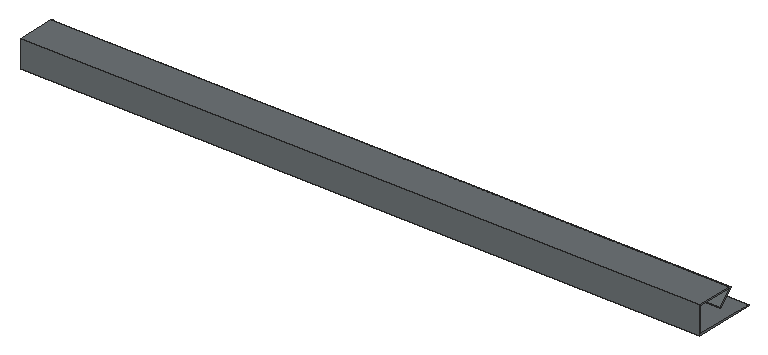
Revit family "BIMLIB_ПланкаПОбразнаяЗавершающаяСложная_GRANDLINE", category Обобщенные модели, Revit 2017
Family settings
  Может служить основой для арматурных стержней = Нет
  Размер круглого соединителя = Использовать диаметр
  Тип детали = Нормальный
  При загрузке вырезать с полостями = Нет
  Общий = Нет
  Точка расчета площади = Нет
Parameters (values of type "Планка П-образная")
  Смещение от плоскости [instance] = 0 mm
  Описание = ADSK_Наименование  # "Планка П-образная (завершающая сложная)"
  Изготовитель = "Grand Line"  # constant formula
  built-in parameter 1001306 [instance] = 500 mm
  Watermark [instance] = "Модели защищены уникальным кодом"
  URL = "https://www.grandline.ru"
  BL_Разработано = "support@bimlib.pro"
  BL_Email = "info@grandline.ru"
  BL_BIM library = "https://bimlib.pro/manufacturer/company/22430"
  ADSK_Размер_Длина [instance] = [built-in parameter 1001306]  # 500 mm
  ADSK_Обозначение = "ГОСТ 19904-90, ГОСТ 14918-80"
  ADSK_Наименование = "Планка П-образная (завершающая сложная)"
  ADSK_Материал тип подсчета = 1  # constant formula
  ADSK_Материал = GL_Drap_RAL7016
  ADSK_Масса_Текст [instance] = ""
  ADSK_Масса [instance] = 0
  ADSK_Марка = ""
  ADSK_Количество [instance] = if(ADSK_Материал тип подсчета = 0, 1, if(ADSK_Материал тип подсчета = 1, ADSK_Размер_Длина / 1000 mm, 0))  # 0.5
  ADSK_Код изделия = "M011.047"  # constant formula
  ADSK_Завод-изготовитель = "Grand Line"  # constant formula
  ADSK_Единица измерения = "м"  # constant formula
  ADSK_Группирование = "Доборные элементы"  # constant formula
  ADSK_Версия Revit = "2017"  # constant formula
  ADSK_URL страницы изделия = "https://www.grandline.ru/planka-p-obraznaya-0-5-satin-foil-ral-7004-97639.html"
  ADSK_URL документации изделия = "https://www.grandline.ru/uploads/files/chertezhi_vse/dobornye_elementy/de_saiyding_fasad/Planka_P_obraznaia_zavershaiushaia_slozhnaia.jpg"
Reference planes
  plane 1 "По центру (Вперед/Назад)": y = 0
  plane 2: z = 0
  plane 3 "Слева": x = 0
  plane 4 "Справа": x = 500
Forms (mm)
  Sweep 1, solid, material "GL_Drap_RAL7016" <- "ADSK_Материал"
    path in 3D
      loop
        line (0, 0, 0) -> (500, 0, 0)
    profile "Профиль_ПланкаПОбразнаяЗавершающаяСложная : Профиль" origin (250, 0, 0) x (0, 1, 0) y (0, 0, 1)
      loop
        line (0, 0) -> (45, 0) -> (45, 0.8) -> (0.8, 0.8) -> (0.8, 19.2) -> (28.069, 19.2) -> (18.865, 9.997) -> (19.431, 9.431) -> (28.623, 18.623)
        arc (28.623, 18.623) -> (28.798, 19.502) -> (28.053, 20) r 0.806
        line (28.053, 20) -> (0, 20) -> (0, 0)
Lines and regions (mm)
  reference lines
    curve 1: line (0, 0, 0) -> (500, 0, 0)
  sketch lines
    curve 2: line (0, 0, 0) -> (500, 0, 0)
Dimensions and locks
  "built-in parameter 1001306": plane 3 "Слева" to plane 4 "Справа"
  aligned and locked: plane 4 "Справа" to curve 1
  aligned and locked: plane 1 "По центру (Вперед/Назад)" to curve 1
  aligned and locked: plane 3 "Слева" to curve 1
  aligned and locked: level to plane 2
